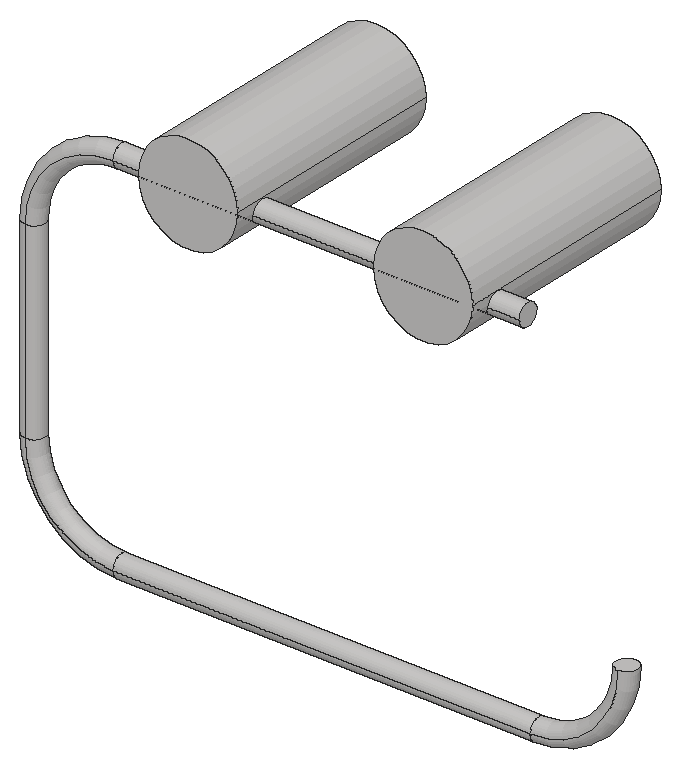
Revit family "SA-3110", category Plumbing Fixtures, Revit 2023
Family settings
  Round Connector Dimension = Use Diameter
  Part Type = Normal
  OmniClass Number = 23.45.00.00
  OmniClass Title = Sanitary, Laundry, and Cleaning Equipment
  Work Plane-Based = No
  Enable Cutting in Views = No
  Always vertical = Yes
  Cut with Voids When Loaded = No
  Maintain Annotation Orientation = No
  Shared = No
  Room Calculation Point = No
Parameters
  Default Elevation = 0"
Reference planes (in)
  plane 1 "Center (Front/Back)": y = 0
  plane 2: z = 0
  plane 3 "Center (Left/Right)": x = 0
  plane 4 "Center L/W": y = 3.9375
  plane 5: z = 0
  plane 6: z = 3.9375
  plane 7 "Center L/X": x = -1.1875
  plane 8 "Center L/Y": x = 1.1875
  plane 9 "Center L/Z": x = 2
  plane 10 "Center L/AA": x = -3.125
  plane 11 "Center L/BB": x = 3.125
  plane 12: y = -0.30905
  plane 13: y = 2.06595
Forms (in)
  Sweep 1, solid, material "stainless steel"
    path origin (0.10016, 0, 0.11396) x (1, 0, 0) y (0, 0, 1)
      loop
        arc (2.90033, 0.88866) -> (2.64004, 0.26028) -> (2.01166, 0) r 0.88866
        line (2.01166, 0) -> (-2.20509, 0)
        arc (-2.20509, 0) -> (-2.83347, 0.26028) -> (-3.09375, 0.88866) r 0.88866
        line (-3.09375, 0.88866) -> (-3.09375, 2.82598)
        arc (-3.09375, 2.82598) -> (-2.83347, 3.45436) -> (-2.20509, 3.71464) r 0.88866
        line (-2.20509, 3.71464) -> (1.89984, 3.71464)
    profile origin (-0.05246, 0, 3.8286) x (0, 0, 1) y (0, -1, 0)
      loop
        circle (0, 0) r 0.1093
  Extrusion 2, solid, material "stainless steel"
    sketch origin (1.09375, 0, 0) x (1, 0, 0) y (0, 0, -1)
      loop
        circle (-2.28125, -3.9375) r 0.5
    from -0.30905 to 2.06595
  Extrusion 3, solid, material "stainless steel"
    sketch origin (3.46875, 0, 0) x (1, 0, 0) y (0, 0, -1)
      loop
        circle (-2.28125, -3.9375) r 0.5
    from -0.30905 to 2.06595
Dimensions and locks (in)
  plane 6 to level = 3 15/16"
  plane 8 "Center L/Y" to plane 7 "Center L/X" = 2 3/8"
  plane 8 "Center L/Y" to plane 9 "Center L/Z" = 13/16"
  plane 11 "Center L/BB" to plane 10 "Center L/AA" = 6 1/4"
  plane 13 to plane 12 = 2 3/8"
  aligned and locked: level to plane 2
